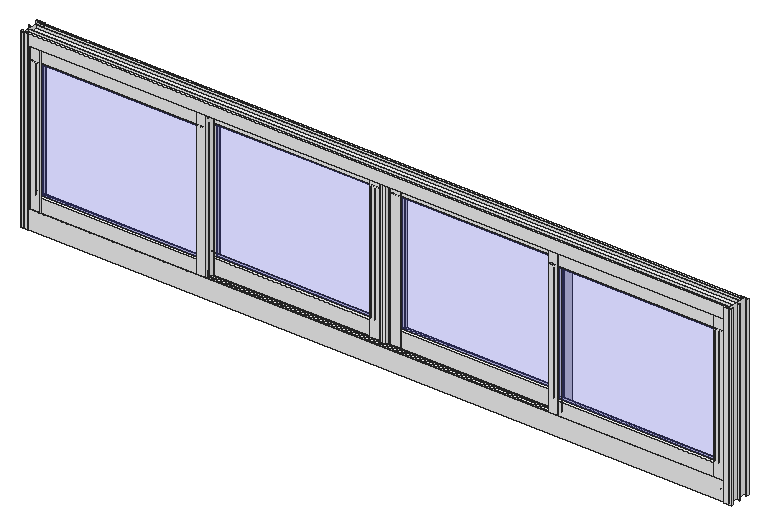
Revit family "Elite_XXXX_Custom", category Windows, host Wall, Revit 2014
Parameters (values of type "XXXX_Custom")
  Windload Design = if(Custom Windload < 1001 mm, 1000 mm, if(Custom Windload < 1501 mm, 1500 mm, 2000 mm))  # 1000 mm
  Width Sash Side [instance] = 605.75 mm
  Width Sash Middle [instance] = 605.75 mm
  Wall Thickness [instance] = 200 mm
  Sash Width Middle = (Width - (12 mm * 2) - (2 * Sash Width Sides)) / 2 + 28.5 mm  # 605.75 mm
  Sash Width Sides = if(Equal Sash Width, (Width - (2 mm * 12)) / 4 + (28.5 mm / 2), if(Custom Sash Width Side < Limit Sash Width Side Min, Limit Sash Width Side Min, if(Custom Sash Width Side > Limit Sash Width Side Max, Limit Sash Width Side Max, Custom Sash Width Side)))  # 605.75 mm
  Sash Side Spacing = 1 mm  # constant formula
  Sash Rail Fore Aft Spacing = 5.2 mm  # constant formula
  Sash Height = Height - 29 mm - 54 mm  # 507 mm
  Sash Frame Seal = 1.3 mm  # constant formula
  Overall Width [instance] = 2390 mm
  Overall Height [instance] = 590 mm
  Outside Heavy Duty Interlocker = if(Interlocker Configuration = 2 mm, 1 = 1, 1 = 0)  # no
  Max Pane Area = if(Area Middle Sash Glazing > Area Side Sash Glazing, Area Middle Sash Glazing, Area Side Sash Glazing)  # 0.225656 m²
  Limit Window Width Min = (4 * Limit Sash Width Min) + (2 mm * 12.5) - (2 * 29.8 mm) + 1.5 mm  # 1166.9 mm
  Limit Window Width Max = if(Windload Design = 1000 mm, 2990 mm, if(Windload Design = 1500 mm, if(Custom Window Height > 1490 mm, 2690 mm, 2990 mm), 2990 mm))  # 2990 mm
  Limit Window Height Min = Limit Sash Height Min + (29 mm + 54 mm)  # 383 mm
  Limit Window Height Max = if(Windload Design = 1000 mm, Limit Sash Height Max + (29 mm + 54 mm), if(Windload Design = 1500 mm, if(and(Custom Window Height > 1490 mm, Custom Window Width > 2690 mm), 1490 mm, Limit Sash Height Max + (29 mm + 54 mm)), 1490 mm))  # 1883 mm
  Limit Sash Width Min = 300 mm  # constant formula
  Limit Sash Width Max = 1500 mm  # constant formula
  Limit Sash Width Side Min = if((Width - (2 mm * 12.5) - (2 * Limit Sash Width Max) + (2 * 29.8 mm) - 1.5 mm) / 2 < Limit Sash Width Min, Limit Sash Width Min, (Width - (2 mm * 12.5) - (2 * Limit Sash Width Max) + (2 * 29.8 mm) - 1.5 mm) / 2)  # 300 mm
  Limit Sash Width Side Max = if((Width - (2 mm * 12.5) - (2 * Limit Sash Width Min) + (2 * 29.8 mm) - 1.5 mm) / 2 > Limit Sash Width Max, Limit Sash Width Max, (Width - (2 mm * 12.5) - (2 * Limit Sash Width Min) + (2 * 29.8 mm) - 1.5 mm) / 2)  # 911.55 mm
  Limit Sash Height Min = 300 mm  # constant formula
  Limit Sash Height Max = 1800 mm  # constant formula
  Interlocker Configuration = if(Windload Design = 1000 mm, if(not(Height > 1190 mm), 0 mm, if(and(Width > 2390 mm, Height > 1490 mm), 2 mm, 1 mm)), if(Windload Design = 1500 mm, if(or(not(Height > 890 mm), and(not(Height > 1190 mm), not(Width > 2690 mm))), 0 mm, if(Height > 1490 mm, 2 mm, 1 mm)), if(not(Height > 890 mm), 0 mm, if(and(Height > 1190 mm, Width > 2390 mm), 2 mm, 1 mm))))  # 0 mm
  Height Sash [instance] = 507 mm
  Height = if(Custom Window Height < Limit Window Height Min, Limit Window Height Min, if(Custom Window Height > Limit Window Height Max, Limit Window Height Max, Custom Window Height))  # 590 mm
  Inside Heavy Duty Interlocker = if(or(Interlocker Configuration = 1 mm, Interlocker Configuration = 2 mm), 1 = 1, 1 = 0)  # no
  Glazing Thickness = if(not(Max Pane Area > 0.75 m²), 4 mm, if(not(Max Pane Area > 1.50 m²), 4 mm, if(not(Max Pane Area > 2.10 m²), 5 mm, if(not(Max Pane Area > 2.90 m²), 6.4 mm, if(not(Max Pane Area > 4.30 m²), 8 mm, 10 mm)))))  # 4 mm
  Glass Type = Glass
  Frame Thickness = 70.3 mm  # constant formula
  Frame Offset From Exterior [instance] = if(Centered In Wall, (Wall Thickness - Frame Thickness) / 2, Custom Frame Offset From Exterior)  # 64.85 mm
  Equal Sash Width = yes
  Default Sill Height = 800 mm
  Wall Closure = By host
  Width = if(Custom Window Width < Limit Window Width Min, Limit Window Width Min, if(Custom Window Width > Limit Window Width Max, Limit Window Width Max, Custom Window Width))  # 2390 mm
  Custom Window Width = 2390 mm
  Custom Window Height = 590 mm
  Custom Windload = 1000 mm
  Custom Sash Width Side = 800 mm
  Custom Frame Offset From Exterior = 0 mm
  Centered In Wall = yes
  Astragal Sash Gap = 0.9 mm  # constant formula
  Area Middle Sash Glazing = (Sash Width Middle - 21 mm - 41 mm) * (Sash Height - (46 mm * 2))  # 0.225656 m²
  Area Side Sash Glazing = (Sash Width Sides - 21 mm - 41 mm) * (Sash Height - (46 mm * 2))  # 0.225656 m²
  Aluminium Finish [instance] = White Powder Coated Aluminium ANP 1052
Reference planes
  plane 1 "Center (Front/Back)": y = 0
  plane 2 "Center (Left/Right)": x = 0
  plane 3 "Left": x = -1195
  plane 4 "Right": x = 1195
  plane 5 "Sill": z = 800
  plane 6 "Head": z = 1390
  plane 7 "Exterior": y = 100
  plane 8 "Interior": y = -100
Lines and regions (mm)
  Opening 1
    outline origin (3500, -100, 0) x (1, 0, 0) y (0, 0, 1)
      loop
        line (-2305, 800) -> (-2305, 1390) -> (-4695, 1390) -> (-4695, 800) -> (-2305, 800)
Text (mm)
  text "EXTERIOR" at (-1963.203, 1332.353, 0), in view "Ref. Level"
  text "INTERIOR" at (-1981.466, -818.386, 0), in view "Ref. Level"
  text "Exterior" at (0, 923.751, 2943.296), in view "Right"
  text "Exterior" at (0, 1040.484, 2685.409), in view "Left"
Dimensions and locks
  equal spacing: plane 3 "Left", plane 2 "Center (Left/Right)", plane 4 "Right"
  "Width": plane 3 "Left" to plane 4 "Right"
  "Height": plane 5 "Sill" to plane 6 "Head"
  "Default Sill Height": plane 5 "Sill" to level
  locked: plane 7 "Exterior" to host wall at 0
  locked: plane 8 "Interior" to host wall
  "Overall Height": plane 6 "Head" to plane 5 "Sill"
  "Overall Width": plane 3 "Left" to plane 4 "Right"
  "Frame Offset From Exterior": nested 1 to plane 7 "Exterior"
  "Sash Side Spacing": nested 1 to nested 2
  "Sash Side Spacing": nested 3 to nested 1  (x2)
  "Sash Side Spacing": nested 2 to nested 1
  "Sash Rail Fore Aft Spacing": nested 4 to nested 1
  "Sash Rail Fore Aft Spacing": nested 5 to nested 1
  "Width Sash Side": nested 3 to nested 3
  "Height Sash": nested 3 to nested 3
  "Width Sash Middle": nested 5 to nested 5
  aligned and locked: nested 1 to plane 6 "Head"
  aligned and locked: nested 1 to plane 4 "Right"
  aligned and locked: nested 4 to nested 2
  aligned and locked: nested 5 to nested 3
  aligned and locked: nested 5 to nested 1
  aligned and locked: nested 4 to nested 1
  aligned and locked: nested 3 to nested 1
  aligned and locked: nested 2 to nested 1
  aligned and locked: nested 6 to nested 5
  aligned and locked: nested 5 to nested 6  (x2)
Automatic sketch dimensions
  plane 3 "Left" to Opening 1 sketch curve = 0 mm
  plane 4 "Right" to Opening 1 sketch curve = 0 mm
  Opening 1 sketch curve to plane 5 "Sill" = 0 mm
  Opening 1 sketch curve to plane 6 "Head" = 0 mm
Nested families
  nested 1: "Elite_Frame_OXXO_XOX" at (93.5, -54.85, 280.667), Width <- "Width", Height <- "Height", Profile Material <- "Aluminium Finish", type "Elite_Frame_OXXO_XOX"
    with Width 2390 mm, Profile Material White Powder Coated Aluminium ANP 1052, Length Jamb 590 mm, Length Head & Sill 2367 mm, Height 590 mm
  nested 2: "Elit_Sash_Inner" at (-1182.5, -30.5, 854) x (-1, 0, 0) z (0, 0, 1), Profile Material <- "Aluminium Finish", Glazing Material <- "Glass Type", Sash Width <- "Sash Width Sides", Sash Height <- "Sash Height", Glazing Thickness <- "Glazing Thickness", Is Heavy Duty Interlocker <- "Inside Heavy Duty Interlocker", type "Elit_Sash_Inner"
    with Sash Width 605.75 mm, Sash Height 507 mm, Right Sliding yes, Profile Material White Powder Coated Aluminium ANP 1052, Length Sash Head & Sill 589.75 mm, Length Arrow Tip 51.025 mm, Length Arrow 168.383 mm, Left Sliding no, Is Standard Interlocker yes, Is Sliding yes, Is Heavy Duty Interlocker no, Glazing Width 543.75 mm, Glazing Thickness 4 mm, Glazing Start -2 mm, Glazing Material Glass, Glazing Height 415 mm, Glazing Frame Side Gap 3 mm, Glazing End 2 mm, Arrow Tip Length 50.8 mm, Arrow Left Gap 187.683 mm, Arrow Bottom Gap 207.5 mm
  nested 3: "Elit_Sash_Inner" at (1182.5, -30.5, 854), Sash Width <- "Sash Width Sides", Sash Height <- "Sash Height", Profile Material <- "Aluminium Finish", Glazing Material <- "Glass Type", Glazing Thickness <- "Glazing Thickness", Is Heavy Duty Interlocker <- "Inside Heavy Duty Interlocker", type "Elit_Sash_Inner"
    with Sash Width 605.75 mm, Sash Height 507 mm, Right Sliding yes, Profile Material White Powder Coated Aluminium ANP 1052, Length Sash Head & Sill 589.75 mm, Length Arrow Tip 51.025 mm, Length Arrow 168.383 mm, Left Sliding no, Is Standard Interlocker yes, Is Sliding yes, Is Heavy Duty Interlocker no, Glazing Width 543.75 mm, Glazing Thickness 4 mm, Glazing Start -2 mm, Glazing Material Glass, Glazing Height 415 mm, Glazing Frame Side Gap 3 mm, Glazing End 2 mm, Arrow Tip Length 50.8 mm, Arrow Left Gap 187.683 mm, Arrow Bottom Gap 207.5 mm
  nested 4: "Elite_Sash_Outer" at (-0.8, 30.15, 854), Sash Width <- "Sash Width Middle", Sash Height <- "Sash Height", Profile Material <- "Aluminium Finish", Glazing Material <- "Glass Type", Glazing Thickness <- "Glazing Thickness", Is Heavy Duty Interlocker <- "Outside Heavy Duty Interlocker", type "Elite_Sash_Outer"
    with Sash Width 605.75 mm, Sash Height 507 mm, Right Sliding yes, Profile Material White Powder Coated Aluminium ANP 1052, Length Sash Head & Sill 589.75 mm, Length Arrow Tip 51.025 mm, Length Arrow 168.383 mm, Left Sliding no, Is Standard Interlocker yes, Is Sliding yes, Is Heavy Duty Interlocker no, Glazing Width 543.75 mm, Glazing Thickness 4 mm, Glazing Start -2 mm, Glazing Material Glass, Glazing Height 415 mm, Glazing Frame Side Gap 3 mm, Glazing End 2 mm, Arrow Tip Length 50.8 mm, Arrow Left Gap 187.683 mm, Arrow Bottom Gap 207.5 mm
  nested 5: "Elite_Sash_Outer" at (0.8, 30.15, 854) x (-1, 0, 0) z (0, 0, 1), Sash Width <- "Sash Width Middle", Sash Height <- "Sash Height", Profile Material <- "Aluminium Finish", Glazing Material <- "Glass Type", Glazing Thickness <- "Glazing Thickness", Is Heavy Duty Interlocker <- "Outside Heavy Duty Interlocker", type "Elite_Sash_Outer"
    with Sash Width 605.75 mm, Sash Height 507 mm, Right Sliding yes, Profile Material White Powder Coated Aluminium ANP 1052, Length Sash Head & Sill 589.75 mm, Length Arrow Tip 51.025 mm, Length Arrow 168.383 mm, Left Sliding no, Is Standard Interlocker yes, Is Sliding yes, Is Heavy Duty Interlocker no, Glazing Width 543.75 mm, Glazing Thickness 4 mm, Glazing Start -2 mm, Glazing Material Glass, Glazing Height 415 mm, Glazing Frame Side Gap 3 mm, Glazing End 2 mm, Arrow Tip Length 50.8 mm, Arrow Left Gap 187.683 mm, Arrow Bottom Gap 207.5 mm
  nested 6: "Elite_Meeting_Stile_Adaptor" at (-9.95, 45.45, 854) x (0, -1, 0) z (0, 0, 1), Profile Material <- "Aluminium Finish", Length Meeting Stile Adaptor <- "Sash Height", type "Elite_Meeting_Stile_Adaptor"
    with Profile Material White Powder Coated Aluminium ANP 1052, Length Meeting Stile Adaptor 507 mm
Definition of nested family "Elite_Frame_OXXO_XOX"
  Parameters (values of type "Elite_Frame_OXXO_XOX")
    Width [instance] = 1200 mm
    Profile Material [instance] = none
    Length Jamb [instance] = Height  # 900 mm
    Length Head & Sill [instance] = Width - 2 * 11.5 mm  # 1177 mm
    Height [instance] = 900 mm
  Reference planes
    plane 1 "Center (Front/Back)": y = 0
    plane 2: z = 0
    plane 3 "Center (Left/Right)": x = 0
  Dimensions and locks
    aligned and locked: level to plane 2
    aligned and locked: nested 4 to nested 2
    aligned and locked: nested 2 to nested 4  (x2)
    aligned and locked: nested 3 to nested 2  (x3)
    aligned and locked: nested 1 to nested 4  (x2)
    aligned and locked: nested 4 to nested 1
  Nested families
    nested 1: "Elite_Frame_Head" at (-1277, 21.2, 968.793), Length Frame Head <- "Length Head & Sill", Profile Material <- "Profile Material", type "Elite_Frame_Head"
      with Profile Material none, Length Frame Head 1177 mm
    nested 2: "Elite_Frame_Sill" at (-100, 88.2, 209.333) x (-1, 0, 0) z (0, 0, 1), Profile Material <- "Profile Material", Length Frame Sill <- "Length Head & Sill", type "Elite_Frame_Sill"
      with Profile Material none, Length Frame Sill 1177 mm
    nested 3: "Elite_Frame_Jamb" at (-1264, 19.7, 209.333) x (0, 1, 0) z (0, 0, 1), Profile Material <- "Profile Material", Length Frame Jamb <- "Length Jamb", type "Elite_Frame_Jamb"
      with Profile Material none, Length Frame Jamb 900 mm
    nested 4: "Elite_Frame_Jamb_Mirror" at (-113, 90, 209.333) x (0, -1, 0) z (0, 0, 1), Profile Material <- "Profile Material", Length Frame Jamb <- "Length Jamb", type "Elite_Frame_Jamb_Mirror"
      with Profile Material none, Length Frame Jamb 900 mm
  Definition of nested family "Elite_Frame_Head"
    Parameters (values of type "Elite_Frame_Head")
      Profile Material [instance] = none
      Length Frame Head [instance] = 250 mm
    Reference planes
      plane 1 "Center (Front/Back)": y = 0
      plane 2: z = 0
      plane 3 "Center (Left/Right)": x = 0
    Forms (mm)
      Extrusion 1, solid, material <- "Profile Material"
        sketch origin (0, 0, 0) x (0, 1, 0) y (0, 0, 1)
          loop
            line (11.5, 102.54) -> (20.5, 102.54) -> (20.5, 111.54) -> (19.1, 111.54) -> (19.1, 103.94) -> (12.9, 103.94) -> (12.9, 128.64) -> (54.1, 128.64) -> (54.1, 103.94) -> (47.9, 103.94) -> (47.9, 111.54) -> (46.5, 111.54) -> (46.5, 102.54) -> (55.5, 102.54) -> (55.5, 128.64) -> (65.5, 128.64) -> (65.5, 102.54) -> (67, 102.54) -> (67, 140.54) -> (61.65, 140.54) -> (61.65, 139.14) -> (65.5, 139.14) -> (65.5, 130.04) -> (49.298, 130.04) -> (49.298, 140.54) -> (47.9, 140.54) -> (47.9, 130.04) -> (19.1, 130.04) -> (19.1, 140.54) -> (17.7, 140.54) -> (17.7, 130.04) -> (1.5, 130.04) -> (1.5, 139.14) -> (5.35, 139.14) -> (5.35, 140.54) -> (0, 140.54) -> (0, 102.54) -> (1.5, 102.54) -> (1.5, 128.64) -> (11.5, 128.64) -> (11.5, 102.54)
        from 0 to 250 <- "Length Frame Head"
    Dimensions and locks
      aligned and locked: level to plane 2
  Definition of nested family "Elite_Frame_Sill"
    Parameters (values of type "Elite_Frame_Sill")
      Profile Material [instance] = none
      Length Frame Sill [instance] = 250 mm
    Reference planes
      plane 1 "Center (Front/Back)": y = 0
      plane 2: z = 0
      plane 3 "Center (Left/Right)": x = 0
    Forms (mm)
      Extrusion 1, solid, material <- "Profile Material"
        sketch origin (0, 0, 0) x (0, 1, 0) y (0, 0, 1)
          loop
            line (20.5, 61.807) -> (15.922, 62.99) -> (11.5, 61.805) -> (11.5, 54) -> (12.9, 54) -> (12.9, 60.734) -> (16.078, 61.54) -> (19.1, 60.731) -> (19.1, 37) -> (12.88, 36.997) -> (0, 35.262) -> (0, 11.5) -> (1.4, 11.5) -> (1.4, 15) -> (12, 15) -> (12, 0) -> (17, 0) -> (17, 1) -> (13.4, 1) -> (13.4, 5) -> (17, 5) -> (17, 6) -> (13.4, 6) -> (13.4, 18.532) -> (65.6, 20.009) -> (65.6, 6) -> (62, 6) -> (62, 5) -> (65.6, 5) -> (65.6, 1) -> (62, 1) -> (62, 0) -> (67, 0) -> (67, 63) -> (65.6, 63) -> (65.6, 37) -> (55.5, 37) -> (55.5, 61.807) -> (50.922, 62.99) -> (46.5, 61.805) -> (46.5, 54) -> (47.9, 54) -> (47.9, 60.734) -> (51.078, 61.54) -> (54.1, 60.731) -> (54.1, 37) -> (20.5, 37) -> (20.5, 61.807)
          loop
            line (65.6, 35.6) -> (12.994, 35.6) -> (1.4, 34.038) -> (1.4, 16.4) -> (12, 16.4) -> (12, 19.893) -> (65.6, 21.409) -> (65.6, 35.6)
        from 0 to 250 <- "Length Frame Sill"
    Dimensions and locks
      aligned and locked: level to plane 2
  Definition of nested family "Elite_Frame_Jamb"
    Parameters (values of type "Elite_Frame_Jamb")
      Void Spacing Top = 13 mm  # constant formula
      Void Spacing Bottom = 38 mm  # constant formula
      Void Cut Length = 13 mm  # constant formula
      Profile Material [instance] = none
      Length Frame Jamb [instance] = 250 mm
    Reference planes
      plane 1 "Center (Front/Back)": y = 0
      plane 2: z = 0
      plane 3 "Center (Left/Right)": x = 0
    Forms (mm)
      Extrusion 1, solid, material <- "Profile Material"
        sketch origin (-5.594, -3.252, 0) x (1, 0, 0) y (0, 1, 0)
          loop
            line (7.094, 26.252) -> (12.594, 26.252) -> (12.594, 27.752) -> (5.594, 27.752) -> (5.594, 3.252) -> (7.094, 3.252) -> (7.094, 16.252) -> (14.744, 16.252) -> (14.744, 10.793) -> (17.03, 3.252) -> (18.599, 3.252) -> (15.994, 11.791) -> (15.994, 16.252) -> (30.494, 16.252) -> (30.494, 11.791) -> (27.888, 3.252) -> (29.457, 3.252) -> (31.744, 10.75) -> (31.744, 16.252) -> (74.394, 16.252) -> (74.394, 3.252) -> (75.894, 3.252) -> (75.894, 27.752) -> (68.894, 27.752) -> (68.894, 26.252) -> (74.394, 26.252) -> (74.394, 17.752) -> (41.394, 17.752) -> (41.394, 27.752) -> (40.094, 27.752) -> (40.094, 17.752) -> (7.094, 17.752) -> (7.094, 26.252)
        from 0 to 250 <- "Length Frame Jamb"
      Extrusion 2, void
        sketch origin (68.8, 0, 0) x (-1, 0, 0) y (0, 0, 1)
          loop
            line (59.65, 250) -> (42.649, 250) -> (42.649, 237) -> (59.65, 237) -> (59.65, 250)
          loop
            line (42.649, 0) -> (59.65, 0) -> (59.65, 38) -> (42.649, 38) -> (42.649, 0)
        from 0 to 13 <- "Void Cut Length"
    Cuts and joins
      Extrusion 2 cuts Extrusion 1
    Dimensions and locks
      "Void Spacing Bottom": Extrusion 2 sketch curve to Extrusion 2 sketch curve
      "Void Spacing Top": Extrusion 2 sketch curve to Extrusion 2 sketch curve
      aligned and locked: level to plane 2
      aligned and locked: Extrusion 2 sketch curve to Extrusion 1  (x6)
    Automatic sketch dimensions
      plane 1 "Center (Front/Back)" to Extrusion 1 sketch curve = 0 mm  (x4)
      Extrusion 1 sketch curve to plane 3 "Center (Left/Right)" = 0 mm
      plane 3 "Center (Left/Right)" to Extrusion 1 sketch curve = 1.5 mm  (x2)
      Extrusion 1 sketch curve to Extrusion 1 sketch curve = 5.5 mm  (x2)
      Extrusion 1 sketch curve to Extrusion 1 sketch curve = 7.65 mm
      Extrusion 1 sketch curve to Extrusion 1 sketch curve = 1.25 mm
      Extrusion 1 sketch curve to Extrusion 1 sketch curve = 2.287 mm
      Extrusion 1 sketch curve to Extrusion 1 sketch curve = 1.569 mm
      Extrusion 1 sketch curve to Extrusion 1 sketch curve = 9.29 mm
      Extrusion 1 sketch curve to Extrusion 1 sketch curve = 1.568 mm
      Extrusion 1 sketch curve to Extrusion 1 sketch curve = 1.037 mm
      Extrusion 1 sketch curve to plane 1 "Center (Front/Back)" = 7.498 mm
      Extrusion 1 sketch curve to Extrusion 1 sketch curve = 1.251 mm
      Extrusion 1 sketch curve to Extrusion 1 sketch curve = 8.349 mm
      Extrusion 1 sketch curve to Extrusion 1 sketch curve = 1.3 mm
      Extrusion 1 sketch curve to Extrusion 1 sketch curve = 27.5 mm
      Extrusion 1 sketch curve to Extrusion 1 sketch curve = 0 mm  (x3)
      Extrusion 1 sketch curve to Extrusion 1 sketch curve = 1.5 mm  (x5)
      Extrusion 1 sketch curve to plane 1 "Center (Front/Back)" = 7.54 mm
      Extrusion 1 sketch curve to Extrusion 1 sketch curve = 0.998 mm
      Extrusion 1 sketch curve to Extrusion 1 sketch curve = 1.041 mm
      Extrusion 1 sketch curve to Extrusion 1 sketch curve = 4.461 mm
      Extrusion 1 sketch curve to Extrusion 1 sketch curve = 8.5 mm  (x2)
      Extrusion 1 sketch curve to Extrusion 1 sketch curve = 10 mm
  Definition of nested family "Elite_Frame_Jamb_Mirror"
    Parameters (values of type "Elite_Frame_Jamb_Mirror")
      Void Spacing Top = 13 mm  # constant formula
      Void Spacing Bottom = 38 mm  # constant formula
      Void Cut Length = 13 mm  # constant formula
      Profile Material [instance] = none
      Length Frame Jamb [instance] = 250 mm
    Reference planes
      plane 1 "Center (Front/Back)": y = 0
      plane 2: z = 0
      plane 3 "Center (Left/Right)": x = 0
    Forms (mm)
      Extrusion 1, solid, material <- "Profile Material"
        sketch origin (-5.594, -3.252, 0) x (1, 0, 0) y (0, 1, 0)
          loop
            line (74.394, 26.252) -> (74.394, 17.752) -> (41.394, 17.752) -> (41.394, 27.752) -> (40.094, 27.752) -> (40.094, 17.752) -> (7.094, 17.752) -> (7.094, 26.252) -> (12.594, 26.252) -> (12.594, 27.752) -> (5.594, 27.752) -> (5.594, 3.252) -> (7.094, 3.252) -> (7.094, 16.252) -> (49.743, 16.252) -> (49.743, 10.75) -> (52.03, 3.252) -> (53.599, 3.252) -> (50.994, 11.791) -> (50.994, 16.252) -> (65.494, 16.252) -> (65.494, 11.791) -> (62.888, 3.252) -> (64.457, 3.252) -> (66.744, 10.793) -> (66.744, 16.252) -> (74.394, 16.252) -> (74.394, 3.252) -> (75.894, 3.252) -> (75.894, 27.752) -> (68.894, 27.752) -> (68.894, 26.252) -> (74.394, 26.252)
        from 0 to 250 <- "Length Frame Jamb"
      Extrusion 2, void
        sketch origin (70.3, 0, 0) x (1, 0, 0) y (0, 0, -1)
          loop
            line (-26.151, -237) -> (-26.151, -250) -> (-9.15, -250) -> (-9.15, -237) -> (-26.151, -237)
          loop
            line (-26.151, -38) -> (-9.15, -38) -> (-9.15, 0) -> (-26.151, 0) -> (-26.151, -38)
        from 0 to 13 <- "Void Cut Length"
    Cuts and joins
      Extrusion 2 cuts Extrusion 1
    Dimensions and locks
      "Void Spacing Top": Extrusion 2 sketch curve to Extrusion 2 sketch curve
      "Void Spacing Bottom": Extrusion 2 sketch curve to Extrusion 2 sketch curve
      aligned and locked: level to plane 2
      aligned and locked: Extrusion 1 to Extrusion 2 sketch curve  (x2)
      aligned and locked: Extrusion 2 sketch curve to Extrusion 1
      aligned and locked: Extrusion 2 sketch curve to cut or joined group of Extrusion 1, Extrusion 2  (x3)
    Automatic sketch dimensions
      Extrusion 1 sketch curve to plane 3 "Center (Left/Right)" = 0 mm
      plane 1 "Center (Front/Back)" to Extrusion 1 sketch curve = 0 mm  (x4)
      plane 3 "Center (Left/Right)" to Extrusion 1 sketch curve = 1.5 mm  (x2)
      Extrusion 1 sketch curve to Extrusion 1 sketch curve = 5.5 mm  (x2)
      Extrusion 1 sketch curve to Extrusion 1 sketch curve = 27.5 mm
      Extrusion 1 sketch curve to Extrusion 1 sketch curve = 1.3 mm
      Extrusion 1 sketch curve to Extrusion 1 sketch curve = 8.349 mm
      Extrusion 1 sketch curve to Extrusion 1 sketch curve = 1.251 mm
      Extrusion 1 sketch curve to Extrusion 1 sketch curve = 2.288 mm
      Extrusion 1 sketch curve to Extrusion 1 sketch curve = 1.568 mm
      Extrusion 1 sketch curve to Extrusion 1 sketch curve = 9.29 mm
      Extrusion 1 sketch curve to Extrusion 1 sketch curve = 1.569 mm
      Extrusion 1 sketch curve to Extrusion 1 sketch curve = 1.037 mm
      Extrusion 1 sketch curve to Extrusion 1 sketch curve = 1.25 mm
      Extrusion 1 sketch curve to Extrusion 1 sketch curve = 2.15 mm
      Extrusion 1 sketch curve to Extrusion 1 sketch curve = 0 mm  (x3)
      Extrusion 1 sketch curve to Extrusion 1 sketch curve = 1.5 mm  (x5)
      Extrusion 1 sketch curve to plane 1 "Center (Front/Back)" = 7.498 mm
      Extrusion 1 sketch curve to plane 1 "Center (Front/Back)" = 7.54 mm
      Extrusion 1 sketch curve to Extrusion 1 sketch curve = 0.998 mm
      Extrusion 1 sketch curve to Extrusion 1 sketch curve = 1.041 mm
      Extrusion 1 sketch curve to Extrusion 1 sketch curve = 4.461 mm
      Extrusion 1 sketch curve to Extrusion 1 sketch curve = 8.5 mm  (x2)
      Extrusion 1 sketch curve to Extrusion 1 sketch curve = 10 mm
Definition of nested family "Elit_Sash_Inner"
  Parameters (values of type "Elit_Sash_Inner")
    Top&Bottom Side Spacing = 14.5 mm  # constant formula
    Sash Width [instance] = 1500 mm
    Sash Height [instance] = 1200 mm
    Right Sliding [instance] = yes
    Profile Material [instance] = White Powder Coated Aluminium ANP 1052
    Overlap Gap = 1.4 mm  # constant formula
    Middle of Glazing = 13 mm  # constant formula
    Length Sash Head & Sill [instance] = Sash Width - 14.5 mm - 1.5 mm  # 1484 mm
    Length Arrow Tip [instance] = Length Arrow / 3.3  # 141.354 mm
    Length Arrow [instance] = (Sash Width - (2 * 50.3 mm)) / 3  # 466.467 mm
    Left Sliding [instance] = yes
    Is Standard Interlocker [instance] = not(Is Heavy Duty Interlocker)  # no
    Is Sliding [instance] = if(or(Right Sliding, Left Sliding), 1 = 1, 1 = 2)  # yes
    Is Heavy Duty Interlocker [instance] = yes
    Glazing Width [instance] = Sash Width - 21 mm - 41 mm  # 1438 mm
    Glazing Thickness [instance] = 6.4 mm
    Glazing Start [instance] = -Glazing Thickness / 2  # -3.2 mm
    Glazing Side Spacing = 41 mm  # constant formula
    Glazing Profile Gap = 459.05 mm
    Glazing Material [instance] = Glass
    Glazing Height [instance] = Sash Height - (46 mm * 2)  # 1108 mm
    Glazing Frame Side Gap [instance] = (10 mm - Glazing Thickness) / 2  # 1.8 mm
    Glazing Frame Gap = 5 mm  # constant formula
    Glazing End [instance] = Glazing Thickness / 2  # 3.2 mm
    Glazing Edge Interlocker Gap = 17 mm  # constant formula
    Glazing Edge Bottom and Top Gap = 46 mm  # constant formula
    Arrow Tip Length [instance] = if((Sash Height - (2 * 50.3 mm)) / 8 > Length Arrow / 3.3, Length Arrow / 3.3, (Sash Height - (2 * 50.3 mm)) / 8)  # 137.425 mm
    Arrow Tip Angle = 45.00°
    Arrow Left Gap [instance] = (Sash Width - 21 mm - 41 mm - Length Arrow) / 2  # 485.767 mm
    Arrow Bottom Gap [instance] = Sash Height / 2 - 46 mm  # 554 mm
    1.5 Spacing = 1.5 mm  # constant formula
  Reference planes
    plane 1 "Center (Front/Back)": y = 0
    plane 2: z = 0
    plane 3 "Center (Left/Right)": x = 0
    plane 4: y = -13
  Forms (mm)
    Extrusion 1, solid, material "Glass" <- "Glazing Material"
      sketch origin (-1492.688, -13, 1709.9) x (-1, 0, 0) y (0, 0, 1)
        loop
          line (-13.688, -555.9) -> (-1451.688, -555.9) -> (-1451.688, -1663.9) -> (-13.688, -1663.9) -> (-13.688, -555.9)
      from -3.2 <- "Glazing Start" to 3.2 <- "Glazing End"
  Lines and regions (mm)
    model lines, visible <- "Is Sliding"
      curve 1: line (-993.233, -16.2, 600) -> (-526.767, -16.2, 600)
    model lines, visible <- "Left Sliding"
      curve 2: line (-526.767, -16.2, 600) -> (-623.941, -16.2, 697.174)
      curve 3: line (-526.767, -16.2, 600) -> (-623.941, -16.2, 502.826)
    model lines, visible <- "Right Sliding"
      curve 4: line (-993.233, -16.2, 600) -> (-893.281, -16.2, 699.952)
      curve 5: line (-993.233, -16.2, 600) -> (-893.281, -16.2, 500.048)
  Dimensions and locks
    "Length Arrow": curve 1 to curve 1
    "Arrow Left Gap": Extrusion 1 to curve 1
    "Arrow Bottom Gap": Extrusion 1 to curve 1
    "Arrow Tip Length": curve 3 to curve 2
    "Arrow Tip Length": curve 3 to curve 3
    "Length Arrow Tip": curve 5 to curve 5
    "Length Arrow Tip": curve 5 to curve 4
    "Middle of Glazing": plane 4 to plane 1 "Center (Front/Back)"
    "Glazing Width": Extrusion 1 to Extrusion 1
    "Glazing Height": Extrusion 1 to Extrusion 1
    "Sash Width": nested 2 to plane 3 "Center (Left/Right)"
    "Glazing Side Spacing": Extrusion 1 to plane 3 "Center (Left/Right)"
    "1.5 Spacing": nested 3 to plane 1 "Center (Front/Back)"
    "Top&Bottom Side Spacing": nested 3 to plane 3 "Center (Left/Right)"
    "Top&Bottom Side Spacing": nested 4 to plane 3 "Center (Left/Right)"
    "1.5 Spacing": nested 4 to plane 1 "Center (Front/Back)"
    "Sash Height": nested 3 to plane 2
    "Glazing Edge Bottom and Top Gap": plane 2 to Extrusion 1
    "Sash Width": nested 5 to plane 3 "Center (Left/Right)"
    "Arrow Tip Angle": angle curve 3 to curve 1
    "Arrow Tip Angle": angle curve 1 to curve 2
    "Arrow Tip Angle": angle curve 4 to curve 1
    "Arrow Tip Angle": angle curve 1 to curve 5
    aligned and locked: level to plane 2
    aligned and locked: plane 3 "Center (Left/Right)" to nested 1
    aligned and locked: nested 1 to plane 2
    aligned and locked: nested 4 to plane 2
    aligned and locked: nested 2 to plane 2
    aligned and locked: nested 2 to plane 1 "Center (Front/Back)"
    aligned and locked: nested 5 to plane 1 "Center (Front/Back)"
    aligned and locked: nested 5 to plane 2
  Automatic sketch dimensions
    Extrusion 1 sketch curve to Extrusion 1 sketch curve = 1108 mm
    level to Extrusion 1 sketch curve = 46 mm
    Extrusion 1 sketch curve to plane 3 "Center (Left/Right)" = 41 mm
    Extrusion 1 sketch curve to Extrusion 1 sketch curve = 1438 mm
  Nested families
    nested 1: "Elite_Lock_Stile" at (0, -26, 0) x (0, 1, 0) z (0, 0, 1), Profile Material <- "Profile Material", Length Lock Stile <- "Sash Height", type "Elite_Lock_Stile"
      with Profile Material White Powder Coated Aluminium ANP 1052, Length Lock Stile 1200 mm
    nested 2: "Elite_Interlocker" at (-1506.667, 6.916, 0) x (0, -1, 0) z (0, 0, 1), Profile Material <- "Profile Material", Length Interlocker <- "Sash Height", visible <- "Is Standard Interlocker", type "Elite_Interlocker"
      with Profile Material White Powder Coated Aluminium ANP 1052, Length Interlocker 1200 mm
    nested 3: "Elite_Sash_Top" at (-1498.5, -24.2, 1052), Profile Material <- "Profile Material", Length Sash Top <- "Length Sash Head & Sill", type "Elite_Sash_Top"
      with Profile Material White Powder Coated Aluminium ANP 1052, Length Sash Top 1484 mm
    nested 4: "Elite_Sash_Bottom" at (-1498.5, -24.2, 0), Profile Material <- "Profile Material", Length Sash Bottom <- "Length Sash Head & Sill", type "Elite_Sash_Bottom"
      with Profile Material White Powder Coated Aluminium ANP 1052, Length Sash Bottom 1484 mm
    nested 5: "Elite_Heavy_Duty_Interlocker_Inside" at (-1500, 20, 0) x (0, -1, 0) z (0, 0, 1), Length Heavy Duty Interlocker <- "Sash Height", Profile Material <- "Profile Material", visible <- "Is Heavy Duty Interlocker", type "Elite_Heavy_Duty_Interlocker_Inside"
      with Profile Material White Powder Coated Aluminium ANP 1052, Length Heavy Duty Interlocker 1200 mm
  Definition of nested family "Elite_Lock_Stile"
    Parameters (values of type "Elite_Lock_Stile")
      Width Rail Cut = 13 mm  # constant formula
      Side Gap Rail Cut = 5 mm  # constant formula
      Profile Material [instance] = none
      Length Lock Stile [instance] = 250 mm
      Height Rail Cut = 26 mm  # constant formula
      Height Large Cut = 55 mm  # constant formula
    Reference planes
      plane 1 "Center (Front/Back)": y = 0
      plane 2: z = 0
      plane 3 "Center (Left/Right)": x = 0
    Forms (mm)
      Extrusion 1, solid, material <- "Profile Material"
        sketch origin (0, 0, 0) x (1, 0, 0) y (0, 1, 0)
          loop
            line (0, 0) -> (3.5, 0) -> (3.5, 2.4) -> (2.5, 2.4) -> (2.5, 1.2) -> (1.2, 1.2) -> (1.2, 8.8) -> (2.5, 8.8) -> (2.5, 7.6) -> (3.5, 7.6) -> (3.5, 10) -> (1.5, 10) -> (1.5, 13) -> (24.5, 13) -> (24.5, 10) -> (22.5, 10) -> (22.5, 7.6) -> (23.5, 7.6) -> (23.5, 8.8) -> (24.8, 8.8) -> (24.8, 1.2) -> (23.5, 1.2) -> (23.5, 2.4) -> (22.5, 2.4) -> (22.5, 0) -> (26, 0) -> (26, 49.8) -> (24.5, 49.8) -> (24.5, 49) -> (18, 49) -> (18, 43) -> (19.5, 43) -> (19.5, 47.5) -> (24.5, 47.5) -> (24.5, 36) -> (1.5, 36) -> (1.5, 47.5) -> (6.5, 47.5) -> (6.5, 43) -> (8, 43) -> (8, 49) -> (1.5, 49) -> (1.5, 49.8) -> (0, 49.8) -> (0, 0)
          loop
            line (1.5, 14.5) -> (24.5, 14.5) -> (24.5, 34.5) -> (13, 34.5) -> (1.5, 34.5) -> (1.5, 14.5)
        from 0 to 250 <- "Length Lock Stile"
      Extrusion 2, void
        sketch origin (24.4, 49, 0) x (1, 0, 0) y (0, 0, 1)
          loop
            line (0.1, 250) -> (-22.9, 250) -> (-22.9, 195) -> (0.1, 195) -> (0.1, 250)
          loop
            line (-22.9, 0) -> (0.1, 0) -> (0.1, 55) -> (-22.9, 55) -> (-22.9, 0)
        from 0 to 25
      Extrusion 3, void
        sketch origin (13, 14.5, 0) x (1, 0, 0) y (0, 0, 1)
          loop
            line (6.5, 250) -> (-6.5, 250) -> (-6.5, 224) -> (6.5, 224) -> (6.5, 250)
          loop
            line (6.5, 0) -> (6.5, 26) -> (-6.5, 26) -> (-6.5, 0) -> (6.5, 0)
        from 0 to 250
    Cuts and joins
      Extrusion 2, Extrusion 3 cuts Extrusion 1
    Dimensions and locks
      "Height Large Cut": Extrusion 2 sketch curve to Extrusion 2 sketch curve  (x2)
      "Height Rail Cut": Extrusion 3 sketch curve to Extrusion 3 sketch curve  (x2)
      "Width Rail Cut": Extrusion 3 sketch curve to Extrusion 3 sketch curve  (x2)
      "Side Gap Rail Cut": Extrusion 3 sketch curve to cut or joined group of Extrusion 1, Extrusion 2, Extrusion 3  (x2)
      aligned and locked: level to plane 2
      aligned and locked: Extrusion 1 to Extrusion 2 sketch curve  (x2)
      aligned and locked: Extrusion 2 sketch curve to Extrusion 1  (x4)
      aligned and locked: Extrusion 3 sketch curve to cut or joined group of Extrusion 1, Extrusion 2, Extrusion 3
      aligned and locked: cut or joined group of Extrusion 1, Extrusion 2, Extrusion 3 to Extrusion 3 sketch curve
    Automatic sketch dimensions
      Extrusion 1 sketch curve to plane 3 "Center (Left/Right)" = 0 mm
      plane 1 "Center (Front/Back)" to Extrusion 1 sketch curve = 0 mm  (x2)
      plane 3 "Center (Left/Right)" to Extrusion 1 sketch curve = 1.2 mm
      plane 3 "Center (Left/Right)" to Extrusion 1 sketch curve = 1.5 mm  (x2)
      Extrusion 1 sketch curve to Extrusion 1 sketch curve = 0 mm  (x4)
      Extrusion 1 sketch curve to Extrusion 1 sketch curve = 0.3 mm  (x2)
      Extrusion 1 sketch curve to Extrusion 1 sketch curve = 1.3 mm  (x2)
      Extrusion 1 sketch curve to Extrusion 1 sketch curve = 1 mm  (x4)
      Extrusion 1 sketch curve to Extrusion 1 sketch curve = 5 mm  (x4)
      Extrusion 1 sketch curve to Extrusion 1 sketch curve = 1.5 mm  (x6)
      Extrusion 1 sketch curve to plane 1 "Center (Front/Back)" = 2.4 mm
      Extrusion 1 sketch curve to Extrusion 1 sketch curve = 19 mm
      Extrusion 1 sketch curve to Extrusion 1 sketch curve = 2 mm
      Extrusion 1 sketch curve to Extrusion 1 sketch curve = 1.2 mm  (x6)
      Extrusion 1 sketch curve to plane 1 "Center (Front/Back)" = 1.2 mm  (x2)
      Extrusion 1 sketch curve to Extrusion 1 sketch curve = 5.2 mm  (x2)
      Extrusion 1 sketch curve to Extrusion 1 sketch curve = 3 mm
      Extrusion 1 sketch curve to Extrusion 1 sketch curve = 20 mm
      Extrusion 1 sketch curve to Extrusion 1 sketch curve = 7 mm  (x2)
      Extrusion 1 sketch curve to Extrusion 1 sketch curve = 4.5 mm  (x2)
      Extrusion 1 sketch curve to Extrusion 1 sketch curve = 0.8 mm  (x2)
  Definition of nested family "Elite_Interlocker"
    Parameters (values of type "Elite_Interlocker")
      Rail Cut Width = 13 mm  # constant formula
      Rail Cut Side Spacing = 5 mm  # constant formula
      Rail Cut Height = 26 mm  # constant formula
      Profile Material [instance] = none
      Length Interlocker [instance] = 250 mm
      Large Cut Height = 55 mm  # constant formula
    Reference planes
      plane 1 "Center (Front/Back)": y = 0
      plane 2: z = 0
      plane 3 "Center (Left/Right)": x = 0
    Forms (mm)
      Extrusion 1, solid, material <- "Profile Material"
        sketch origin (0, 0, 0) x (1, 0, 0) y (0, 1, 0)
          loop
            line (6.916, 36.467) -> (6.916, 6.667) -> (39.416, 6.667) -> (39.416, 9.551) -> (38.416, 9.551) -> (38.416, 8.167) -> (37.116, 8.167) -> (37.116, 9.551) -> (36.116, 9.551) -> (36.116, 8.167) -> (32.916, 8.167) -> (32.916, 15.167) -> (36.116, 15.167) -> (36.116, 13.78) -> (37.116, 13.78) -> (37.116, 15.167) -> (38.416, 15.167) -> (38.416, 13.78) -> (39.416, 13.78) -> (39.416, 25.167)
            arc (39.416, 25.167) -> (38.973, 25.663) -> (38.429, 25.28) r 0.5
            line (38.429, 25.28) -> (36.426, 16.667) -> (32.916, 16.667) -> (32.916, 36.467) -> (31.416, 36.467) -> (31.416, 35.667) -> (24.916, 35.667) -> (24.916, 29.667) -> (26.416, 29.667) -> (26.416, 34.167) -> (31.416, 34.167) -> (31.416, 22.667) -> (19.916, 22.667) -> (8.416, 22.667) -> (8.416, 34.167) -> (13.416, 34.167) -> (13.416, 29.667) -> (14.916, 29.667) -> (14.916, 35.667) -> (8.416, 35.667) -> (8.416, 36.467) -> (6.916, 36.467)
          loop
            line (8.416, 21.167) -> (8.416, 8.167) -> (31.416, 8.167) -> (31.416, 21.167) -> (19.916, 21.167) -> (8.416, 21.167)
        from 0 to 250 <- "Length Interlocker"
      Extrusion 2, void
        sketch origin (14.616, 35.667, 0) x (1, 0, 0) y (0, 0, 1)
          loop
            line (11.8, 250) -> (-1.2, 250) -> (-1.2, 224) -> (11.8, 224) -> (11.8, 250)
          loop
            line (-1.2, 0) -> (11.8, 0) -> (11.8, 26) -> (-1.2, 26) -> (-1.2, 0)
        from 0 to 250
      Extrusion 3, void
        sketch origin (31.316, 35.667, 0) x (1, 0, 0) y (0, 0, 1)
          loop
            line (0.1, 250) -> (-22.9, 250) -> (-22.9, 195) -> (0.1, 195) -> (0.1, 250)
          loop
            line (-22.9, 0) -> (0.1, 0) -> (0.1, 55) -> (-22.9, 55) -> (-22.9, 0)
        from 0 to 25
    Cuts and joins
      Extrusion 2, Extrusion 3 cuts Extrusion 1
    Dimensions and locks
      "Rail Cut Width": Extrusion 2 sketch curve to Extrusion 2 sketch curve  (x2)
      "Rail Cut Side Spacing": Extrusion 2 sketch curve to Extrusion 1  (x2)
      "Rail Cut Height": Extrusion 2 sketch curve to Extrusion 2 sketch curve  (x2)
      "Large Cut Height": Extrusion 3 sketch curve to Extrusion 3 sketch curve  (x2)
      aligned and locked: level to plane 2
      aligned and locked: Extrusion 1 to Extrusion 2 sketch curve  (x2)
      aligned and locked: Extrusion 3 sketch curve to cut or joined group of Extrusion 1, Extrusion 2, Extrusion 3  (x4)
      aligned and locked: cut or joined group of Extrusion 1, Extrusion 2, Extrusion 3 to Extrusion 3 sketch curve  (x2)
    Automatic sketch dimensions
      plane 3 "Center (Left/Right)" to Extrusion 1 sketch curve = 6.916 mm
      plane 3 "Center (Left/Right)" to Extrusion 1 sketch curve = 8.416 mm
      Extrusion 1 sketch curve to Extrusion 1 sketch curve = 1.5 mm  (x11)
      Extrusion 1 sketch curve to Extrusion 1 sketch curve = 0 mm  (x6)
      Extrusion 1 sketch curve to Extrusion 1 sketch curve = 5 mm  (x4)
      Extrusion 1 sketch curve to Extrusion 1 sketch curve = 3.2 mm  (x2)
      Extrusion 1 sketch curve to Extrusion 1 sketch curve = 0.31 mm
      Extrusion 1 sketch curve to Extrusion 1 sketch curve = 1 mm  (x4)
      Extrusion 1 sketch curve to Extrusion 1 sketch curve = 1.3 mm  (x2)
      Extrusion 1 sketch curve to Extrusion 1 sketch curve = 7.013 mm
      Extrusion 1 sketch curve to Extrusion 1 sketch curve = 0.487 mm
      Extrusion 1 sketch curve to plane 1 "Center (Front/Back)" = 6.667 mm
      Extrusion 1 sketch curve to Extrusion 1 sketch curve = 1.384 mm  (x2)
      Extrusion 1 sketch curve to Extrusion 1 sketch curve = 4.229 mm
      Extrusion 1 sketch curve to Extrusion 1 sketch curve = 1.387 mm  (x2)
      Extrusion 1 sketch curve to Extrusion 1 sketch curve = 13 mm
      Extrusion 1 sketch curve to Extrusion 1 sketch curve = 2.5 mm
      Extrusion 1 sketch curve to Extrusion 1 sketch curve = 7 mm  (x2)
      Extrusion 1 sketch curve to Extrusion 1 sketch curve = 4.5 mm  (x2)
      Extrusion 1 sketch curve to Extrusion 1 sketch curve = 0.8 mm  (x2)
  Definition of nested family "Elite_Sash_Top"
    Parameters (values of type "Elite_Sash_Top")
      Profile Material [instance] = none
      Length Sash Top [instance] = 250 mm
    Reference planes
      plane 1 "Center (Front/Back)": y = 0
      plane 2: z = 0
      plane 3 "Center (Left/Right)": x = 0
    Forms (mm)
      Extrusion 1, solid, material <- "Profile Material"
        sketch origin (0, -88.953, -123.01) x (0, 1, 0) y (0, 0, 1)
          loop
            line (92.953, 217.01) -> (95.303, 217.01) -> (95.303, 223.01) -> (93.853, 223.01) -> (93.853, 218.46) -> (92.953, 218.46)
            arc (92.953, 218.46) -> (91.15, 219.207) -> (90.403, 221.01) r 2.55
            line (90.403, 221.01) -> (90.403, 230.06) -> (110.203, 230.06) -> (110.203, 221.01)
            arc (110.203, 221.01) -> (109.456, 219.207) -> (107.653, 218.46) r 2.55
            line (107.653, 218.46) -> (106.753, 218.46) -> (106.753, 223.01) -> (105.303, 223.01) -> (105.303, 217.01) -> (107.653, 217.01)
            arc (107.653, 217.01) -> (110.482, 218.181) -> (111.653, 221.01) r 4
            line (111.653, 221.01) -> (111.653, 271.01) -> (107.403, 271.01) -> (107.403, 268.61) -> (108.603, 268.61) -> (108.603, 269.81) -> (110.203, 269.81) -> (110.203, 262.21) -> (108.603, 262.21) -> (108.603, 263.41) -> (107.403, 263.41) -> (107.403, 261.01) -> (110.203, 261.01) -> (110.203, 231.51) -> (90.403, 231.51) -> (90.403, 261.01) -> (93.203, 261.01) -> (93.203, 263.41) -> (92.003, 263.41) -> (92.003, 262.21) -> (90.403, 262.21) -> (90.403, 269.81) -> (92.003, 269.81) -> (92.003, 268.61) -> (93.203, 268.61) -> (93.203, 271.01) -> (88.953, 271.01) -> (88.953, 221.01)
            arc (88.953, 221.01) -> (90.125, 218.181) -> (92.953, 217.01) r 4
        from 0 to 250 <- "Length Sash Top"
    Dimensions and locks
      aligned and locked: level to plane 2
  Definition of nested family "Elite_Sash_Bottom"
    Parameters (values of type "Elite_Sash_Bottom")
      Profile Material [instance] = none
      Length Sash Bottom [instance] = 250 mm
    Reference planes
      plane 1 "Center (Front/Back)": y = 0
      plane 2: z = 0
      plane 3 "Center (Left/Right)": x = 0
    Forms (mm)
      Extrusion 1, solid, material <- "Profile Material"
        sketch origin (0, -88.953, -123.01) x (0, 1, 0) y (0, 0, 1)
          loop
            arc (92.953, 177.01) -> (90.125, 175.838) -> (88.953, 173.01) r 4
            line (88.953, 173.01) -> (88.953, 123.01) -> (93.203, 123.01) -> (93.203, 125.41) -> (92.003, 125.41) -> (92.003, 124.21) -> (90.403, 124.21) -> (90.403, 131.81) -> (92.003, 131.81) -> (92.003, 130.61) -> (93.203, 130.61) -> (93.203, 133.01) -> (90.403, 133.01) -> (90.403, 162.51) -> (110.203, 162.51) -> (110.203, 133.01) -> (107.403, 133.01) -> (107.403, 130.61) -> (108.603, 130.61) -> (108.603, 131.81) -> (110.203, 131.81) -> (110.203, 124.21) -> (108.603, 124.21) -> (108.603, 125.41) -> (107.403, 125.41) -> (107.403, 123.01) -> (111.653, 123.01) -> (111.653, 173.01)
            arc (111.653, 173.01) -> (110.482, 175.838) -> (107.653, 177.01) r 4
            line (107.653, 177.01) -> (105.303, 177.01) -> (105.303, 171.01) -> (106.753, 171.01) -> (106.753, 175.56) -> (107.653, 175.56)
            arc (107.653, 175.56) -> (109.456, 174.813) -> (110.203, 173.01) r 2.55
            line (110.203, 173.01) -> (110.203, 163.96) -> (90.403, 163.96) -> (90.403, 173.01)
            arc (90.403, 173.01) -> (91.15, 174.813) -> (92.953, 175.56) r 2.55
            line (92.953, 175.56) -> (93.853, 175.56) -> (93.853, 171.01) -> (95.303, 171.01) -> (95.303, 177.01) -> (92.953, 177.01)
        from 0 to 250 <- "Length Sash Bottom"
    Dimensions and locks
      aligned and locked: level to plane 2
  Definition of nested family "Elite_Heavy_Duty_Interlocker_Inside"
    Parameters (values of type "Elite_Heavy_Duty_Interlocker_Inside")
      Side Cut Width = 20 mm  # constant formula
      Side Cut Height Top = 26 mm  # constant formula
      Side Cut Height Bottom = 50 mm  # constant formula
      Profile Material [instance] = none
      Length Heavy Duty Interlocker [instance] = 250 mm
      Large Cut Height = 55 mm  # constant formula
      Cut Width = 13 mm  # constant formula
      Cut Side Spacing = 5 mm  # constant formula
      Cut Height = 26 mm  # constant formula
    Reference planes
      plane 1 "Center (Front/Back)": y = 0
      plane 2: z = 0
      plane 3 "Center (Left/Right)": x = 0
    Forms (mm)
      Extrusion 1, solid, material <- "Profile Material"
        sketch origin (0, 0, 0) x (1, 0, 0) y (0, 1, 0)
          loop
            arc (4, 27.5) -> (2.232, 26.768) -> (1.5, 25) r 2.5
            line (1.5, 25) -> (1.5, 4)
            arc (1.5, 4) -> (2.232, 2.232) -> (4, 1.5) r 2.5
            line (4, 1.5) -> (20, 1.5) -> (20, 27.5) -> (4, 27.5)
          loop
            line (21.5, 14.5) -> (21.5, 1.5) -> (33, 1.5) -> (44.5, 1.5) -> (44.5, 14.5) -> (33, 14.5) -> (21.5, 14.5)
          loop
            line (46, 10) -> (46, 29.8) -> (44.5, 29.8) -> (44.5, 29) -> (38, 29) -> (38, 23) -> (39.5, 23) -> (39.5, 27.5) -> (44.5, 27.5) -> (44.5, 16) -> (33, 16) -> (21.5, 16) -> (21.5, 27.5) -> (26.5, 27.5) -> (26.5, 23) -> (28, 23) -> (28, 29) -> (21.5, 29) -> (21.5, 29.8) -> (20, 29.8) -> (20, 29) -> (4, 29)
            arc (4, 29) -> (1.172, 27.828) -> (0, 25) r 4
            line (0, 25) -> (0, 4)
            arc (0, 4) -> (1.172, 1.172) -> (4, 0) r 4
            line (4, 0) -> (52.5, 0) -> (52.5, 2.866) -> (51.5, 2.866) -> (51.5, 1.5) -> (50.2, 1.5) -> (50.2, 2.866) -> (49.2, 2.866) -> (49.2, 1.5) -> (46, 1.5) -> (46, 8.5) -> (49.2, 8.5) -> (49.2, 7.121) -> (50.2, 7.121) -> (50.2, 8.5) -> (51.5, 8.5) -> (51.5, 7.121) -> (52.5, 7.121) -> (52.5, 18.5)
            arc (52.5, 18.5) -> (52.057, 18.997) -> (51.513, 18.613) r 0.5
            line (51.513, 18.613) -> (49.51, 10) -> (46, 10)
        from 0 to 250 <- "Length Heavy Duty Interlocker"
      Extrusion 2, void
        sketch origin (44.4, 29, 0) x (1, 0, 0) y (0, 0, 1)
          loop
            line (-4.9, 250) -> (-17.9, 250) -> (-17.9, 224) -> (-4.9, 224) -> (-4.9, 250)
          loop
            line (-4.9, 0) -> (-4.9, 26) -> (-17.9, 26) -> (-17.9, 0) -> (-4.9, 0)
        from 0 to 250
      Extrusion 3, void
        sketch origin (44.4, 29, 0) x (1, 0, 0) y (0, 0, 1)
          loop
            line (0.1, 250) -> (-22.9, 250) -> (-22.9, 195) -> (0.1, 195) -> (0.1, 250)
          loop
            line (0.1, 0) -> (0.1, 55) -> (-22.9, 55) -> (-22.9, 0) -> (0.1, 0)
        from 0 to 25
      Extrusion 4, void
        sketch origin (20, 29.8, 0) x (-1, 0, 0) y (0, 0, -1)
          loop
            line (0, -250) -> (20, -250) -> (20, -224) -> (0, -224) -> (0, -250)
          loop
            line (0, 0) -> (0, -50) -> (20, -50) -> (20, 0) -> (0, 0)
        from 0 to 250
    Cuts and joins
      Extrusion 2, Extrusion 3, Extrusion 4 cuts Extrusion 1
    Dimensions and locks
      "Cut Width": Extrusion 2 sketch curve to Extrusion 2 sketch curve  (x2)
      "Cut Side Spacing": Extrusion 2 sketch curve to Extrusion 1  (x2)
      "Cut Height": Extrusion 2 sketch curve to Extrusion 2 sketch curve  (x2)
      "Large Cut Height": Extrusion 3 sketch curve to Extrusion 3 sketch curve  (x2)
      "Side Cut Width": Extrusion 4 sketch curve to cut or joined group of Extrusion 1, Extrusion 2, Extrusion 3, Extrusion 4
      "Side Cut Height Top": Extrusion 4 sketch curve to Extrusion 4 sketch curve
      "Side Cut Width": Extrusion 4 sketch curve to Extrusion 4 sketch curve
      "Side Cut Height Bottom": Extrusion 4 sketch curve to Extrusion 4 sketch curve
      aligned and locked: level to plane 2
      aligned and locked: Extrusion 2 sketch curve to Extrusion 1
      aligned and locked: Extrusion 1 to Extrusion 2 sketch curve
      aligned and locked: cut or joined group of Extrusion 1, Extrusion 2, Extrusion 3, Extrusion 4 to Extrusion 3 sketch curve  (x2)
      aligned and locked: Extrusion 3 sketch curve to cut or joined group of Extrusion 1, Extrusion 2, Extrusion 3, Extrusion 4  (x4)
      aligned and locked: Extrusion 4 sketch curve to cut or joined group of Extrusion 1, Extrusion 2, Extrusion 3, Extrusion 4  (x2)
      aligned and locked: cut or joined group of Extrusion 1, Extrusion 2, Extrusion 3, Extrusion 4 to Extrusion 4 sketch curve  (x2)
    Automatic sketch dimensions
      Extrusion 1 sketch curve to Extrusion 1 sketch curve = 0 mm  (x11)
      Extrusion 1 sketch curve to plane 3 "Center (Left/Right)" = 0 mm
      plane 1 "Center (Front/Back)" to Extrusion 1 sketch curve = 0 mm
      plane 3 "Center (Left/Right)" to Extrusion 1 sketch curve = 1.5 mm
      Extrusion 1 sketch curve to Extrusion 1 sketch curve = 2.5 mm  (x3)
      Extrusion 1 sketch curve to Extrusion 1 sketch curve = 16 mm
      Extrusion 1 sketch curve to Extrusion 1 sketch curve = 1.5 mm  (x10)
      Extrusion 1 sketch curve to Extrusion 1 sketch curve = 5 mm  (x3)
      Extrusion 1 sketch curve to plane 1 "Center (Front/Back)" = 1.5 mm  (x3)
      Extrusion 1 sketch curve to Extrusion 1 sketch curve = 11.5 mm  (x2)
      Extrusion 1 sketch curve to Extrusion 1 sketch curve = 10 mm
      Extrusion 1 sketch curve to Extrusion 1 sketch curve = 3.2 mm  (x2)
      Extrusion 1 sketch curve to plane 1 "Center (Front/Back)" = 10 mm
      Extrusion 1 sketch curve to Extrusion 1 sketch curve = 0.31 mm
      Extrusion 1 sketch curve to Extrusion 1 sketch curve = 1 mm  (x4)
      Extrusion 1 sketch curve to Extrusion 1 sketch curve = 1.3 mm  (x2)
      Extrusion 1 sketch curve to Extrusion 1 sketch curve = 7.013 mm
      Extrusion 1 sketch curve to Extrusion 1 sketch curve = 0.487 mm
      Extrusion 1 sketch curve to Extrusion 1 sketch curve = 1.366 mm
      Extrusion 1 sketch curve to Extrusion 1 sketch curve = 2.879 mm
      Extrusion 1 sketch curve to Extrusion 1 sketch curve = 4.5 mm  (x3)
      Extrusion 1 sketch curve to Extrusion 1 sketch curve = 7 mm  (x2)
      Extrusion 1 sketch curve to Extrusion 1 sketch curve = 9 mm
      Extrusion 1 sketch curve to Extrusion 1 sketch curve = 0.8 mm  (x2)
Definition of nested family "Elite_Sash_Outer"
  Parameters (values of type "Elite_Sash_Outer")
    Top&Bottom Side Spacing = 14.5 mm  # constant formula
    Sash Width [instance] = 1500 mm
    Sash Height [instance] = 1200 mm
    Right Sliding [instance] = yes
    Profile Material [instance] = White Powder Coated Aluminium ANP 1052
    Overlap Gap = 1.4 mm  # constant formula
    Middle of Glazing = 13 mm  # constant formula
    Length Sash Head & Sill [instance] = Sash Width - 14.5 mm - 1.5 mm  # 1484 mm
    Length Arrow Tip [instance] = Length Arrow / 3.3  # 141.354 mm
    Length Arrow [instance] = (Sash Width - (2 * 50.3 mm)) / 3  # 466.467 mm
    Left Sliding [instance] = yes
    Is Standard Interlocker [instance] = not(Is Heavy Duty Interlocker)  # no
    Is Sliding [instance] = if(or(Right Sliding, Left Sliding), 1 = 1, 1 = 2)  # yes
    Is Heavy Duty Interlocker [instance] = yes
    Glazing Width [instance] = Sash Width - 21 mm - 41 mm  # 1438 mm
    Glazing Thickness [instance] = 6.4 mm
    Glazing Start [instance] = -Glazing Thickness / 2  # -3.2 mm
    Glazing Side Spacing = 41 mm  # constant formula
    Glazing Profile Gap = 459.05 mm
    Glazing Material [instance] = Glass
    Glazing Height [instance] = Sash Height - (46 mm * 2)  # 1108 mm
    Glazing Frame Side Gap [instance] = (10 mm - Glazing Thickness) / 2  # 1.8 mm
    Glazing Frame Gap = 5 mm  # constant formula
    Glazing End [instance] = Glazing Thickness / 2  # 3.2 mm
    Glazing Edge Interlocker Gap = 17 mm  # constant formula
    Glazing Edge Bottom and Top Gap = 46 mm  # constant formula
    Arrow Tip Length [instance] = if((Sash Height - (2 * 50.3 mm)) / 8 > Length Arrow / 3.3, Length Arrow / 3.3, (Sash Height - (2 * 50.3 mm)) / 8)  # 137.425 mm
    Arrow Tip Angle = 45.00°
    Arrow Left Gap [instance] = (Sash Width - 21 mm - 41 mm - Length Arrow) / 2  # 485.767 mm
    Arrow Bottom Gap [instance] = Sash Height / 2 - 46 mm  # 554 mm
    1.5 Spacing = 1.5 mm  # constant formula
  Reference planes
    plane 1 "Center (Front/Back)": y = 0
    plane 2: z = 0
    plane 3 "Center (Left/Right)": x = 0
    plane 4: y = -13
  Forms (mm)
    Extrusion 1, solid, material "Glass" <- "Glazing Material"
      sketch origin (-1492.688, -13, 1709.9) x (-1, 0, 0) y (0, 0, 1)
        loop
          line (-13.688, -555.9) -> (-1451.688, -555.9) -> (-1451.688, -1663.9) -> (-13.688, -1663.9) -> (-13.688, -555.9)
      from -3.2 <- "Glazing Start" to 3.2 <- "Glazing End"
  Lines and regions (mm)
    model lines, visible <- "Is Sliding"
      curve 1: line (-993.233, -9.8, 600) -> (-526.767, -9.8, 600)
    model lines, visible <- "Left Sliding"
      curve 2: line (-526.767, -9.8, 600) -> (-623.941, -9.8, 697.174)
      curve 3: line (-526.767, -9.8, 600) -> (-623.941, -9.8, 502.826)
    model lines, visible <- "Right Sliding"
      curve 4: line (-993.233, -9.8, 600) -> (-893.281, -9.8, 699.952)
      curve 5: line (-993.233, -9.8, 600) -> (-893.281, -9.8, 500.048)
  Dimensions and locks
    "Length Arrow": curve 1 to curve 1
    "Arrow Left Gap": Extrusion 1 to curve 1
    "Arrow Bottom Gap": Extrusion 1 to curve 1
    "Arrow Tip Length": curve 3 to curve 2
    "Arrow Tip Length": curve 3 to curve 3
    "Length Arrow Tip": curve 5 to curve 5
    "Length Arrow Tip": curve 5 to curve 4
    "Middle of Glazing": plane 4 to plane 1 "Center (Front/Back)"
    "Glazing Width": Extrusion 1 to Extrusion 1
    "Glazing Height": Extrusion 1 to Extrusion 1
    "Sash Width": nested 2 to plane 3 "Center (Left/Right)"
    "Glazing Side Spacing": Extrusion 1 to plane 3 "Center (Left/Right)"
    "1.5 Spacing": nested 3 to plane 1 "Center (Front/Back)"
    "Top&Bottom Side Spacing": nested 3 to plane 3 "Center (Left/Right)"
    "Top&Bottom Side Spacing": nested 4 to plane 3 "Center (Left/Right)"
    "1.5 Spacing": nested 4 to plane 1 "Center (Front/Back)"
    "Sash Height": nested 3 to plane 2
    "Glazing Edge Bottom and Top Gap": plane 2 to Extrusion 1
    "Sash Width": nested 5 to plane 3 "Center (Left/Right)"
    "Arrow Tip Angle": angle curve 3 to curve 1
    "Arrow Tip Angle": angle curve 1 to curve 2
    "Arrow Tip Angle": angle curve 4 to curve 1
    "Arrow Tip Angle": angle curve 1 to curve 5
    aligned and locked: level to plane 2
    aligned and locked: plane 3 "Center (Left/Right)" to nested 1
    aligned and locked: nested 1 to plane 2
    aligned and locked: nested 4 to plane 2
    aligned and locked: nested 2 to plane 2
    aligned and locked: nested 2 to plane 1 "Center (Front/Back)"
    aligned and locked: nested 5 to plane 2
    aligned and locked: nested 5 to plane 1 "Center (Front/Back)"
  Automatic sketch dimensions
    Extrusion 1 sketch curve to Extrusion 1 sketch curve = 1108 mm
    level to Extrusion 1 sketch curve = 46 mm
    Extrusion 1 sketch curve to plane 3 "Center (Left/Right)" = 41 mm
    Extrusion 1 sketch curve to Extrusion 1 sketch curve = 1438 mm
  Nested families
    nested 1: "Elite_Lock_Stile" at (0, -26, 0) x (0, 1, 0) z (0, 0, 1), Profile Material <- "Profile Material", Length Lock Stile <- "Sash Height", type "Elite_Lock_Stile"
      with Profile Material White Powder Coated Aluminium ANP 1052, Length Lock Stile 1200 mm
    nested 2: "Elite_Interlocker" at (-1506.667, 6.916, 0) x (0, -1, 0) z (0, 0, 1), Profile Material <- "Profile Material", Length Interlocker <- "Sash Height", visible <- "Is Standard Interlocker", type "Elite_Interlocker"
      with Profile Material White Powder Coated Aluminium ANP 1052, Length Interlocker 1200 mm
    nested 3: "Elite_Sash_Top" at (-1498.5, -24.2, 1052), Profile Material <- "Profile Material", Length Sash Top <- "Length Sash Head & Sill", type "Elite_Sash_Top"
      with Profile Material White Powder Coated Aluminium ANP 1052, Length Sash Top 1484 mm
    nested 4: "Elite_Sash_Bottom" at (-1498.5, -24.2, 0), Profile Material <- "Profile Material", Length Sash Bottom <- "Length Sash Head & Sill", type "Elite_Sash_Bottom"
      with Profile Material White Powder Coated Aluminium ANP 1052, Length Sash Bottom 1484 mm
    nested 5: "Elite_Heavy_Duty_Interlocker_Outside" at (-1500, 20, 0) x (0, -1, 0) z (0, 0, 1), Length Heavy Duty Interlocker <- "Sash Height", Profile Material <- "Profile Material", visible <- "Is Heavy Duty Interlocker", type "Elite_Heavy_Duty_Interlocker_Outside"
      with Profile Material White Powder Coated Aluminium ANP 1052, Length Heavy Duty Interlocker 1200 mm
  Definition of nested family "Elite_Lock_Stile"
    Parameters (values of type "Elite_Lock_Stile")
      Width Rail Cut = 13 mm  # constant formula
      Side Gap Rail Cut = 5 mm  # constant formula
      Profile Material [instance] = none
      Length Lock Stile [instance] = 250 mm
      Height Rail Cut = 26 mm  # constant formula
      Height Large Cut = 55 mm  # constant formula
    Reference planes
      plane 1 "Center (Front/Back)": y = 0
      plane 2: z = 0
      plane 3 "Center (Left/Right)": x = 0
    Forms (mm)
      Extrusion 1, solid, material <- "Profile Material"
        sketch origin (0, 0, 0) x (1, 0, 0) y (0, 1, 0)
          loop
            line (0, 0) -> (3.5, 0) -> (3.5, 2.4) -> (2.5, 2.4) -> (2.5, 1.2) -> (1.2, 1.2) -> (1.2, 8.8) -> (2.5, 8.8) -> (2.5, 7.6) -> (3.5, 7.6) -> (3.5, 10) -> (1.5, 10) -> (1.5, 13) -> (24.5, 13) -> (24.5, 10) -> (22.5, 10) -> (22.5, 7.6) -> (23.5, 7.6) -> (23.5, 8.8) -> (24.8, 8.8) -> (24.8, 1.2) -> (23.5, 1.2) -> (23.5, 2.4) -> (22.5, 2.4) -> (22.5, 0) -> (26, 0) -> (26, 49.8) -> (24.5, 49.8) -> (24.5, 49) -> (18, 49) -> (18, 43) -> (19.5, 43) -> (19.5, 47.5) -> (24.5, 47.5) -> (24.5, 36) -> (1.5, 36) -> (1.5, 47.5) -> (6.5, 47.5) -> (6.5, 43) -> (8, 43) -> (8, 49) -> (1.5, 49) -> (1.5, 49.8) -> (0, 49.8) -> (0, 0)
          loop
            line (1.5, 14.5) -> (24.5, 14.5) -> (24.5, 34.5) -> (13, 34.5) -> (1.5, 34.5) -> (1.5, 14.5)
        from 0 to 250 <- "Length Lock Stile"
      Extrusion 2, void
        sketch origin (24.4, 49, 0) x (1, 0, 0) y (0, 0, 1)
          loop
            line (0.1, 250) -> (-22.9, 250) -> (-22.9, 195) -> (0.1, 195) -> (0.1, 250)
          loop
            line (-22.9, 0) -> (0.1, 0) -> (0.1, 55) -> (-22.9, 55) -> (-22.9, 0)
        from 0 to 25
      Extrusion 3, void
        sketch origin (13, 14.5, 0) x (1, 0, 0) y (0, 0, 1)
          loop
            line (6.5, 250) -> (-6.5, 250) -> (-6.5, 224) -> (6.5, 224) -> (6.5, 250)
          loop
            line (6.5, 0) -> (6.5, 26) -> (-6.5, 26) -> (-6.5, 0) -> (6.5, 0)
        from 0 to 250
    Cuts and joins
      Extrusion 2, Extrusion 3 cuts Extrusion 1
    Dimensions and locks
      "Height Large Cut": Extrusion 2 sketch curve to Extrusion 2 sketch curve  (x2)
      "Height Rail Cut": Extrusion 3 sketch curve to Extrusion 3 sketch curve  (x2)
      "Width Rail Cut": Extrusion 3 sketch curve to Extrusion 3 sketch curve  (x2)
